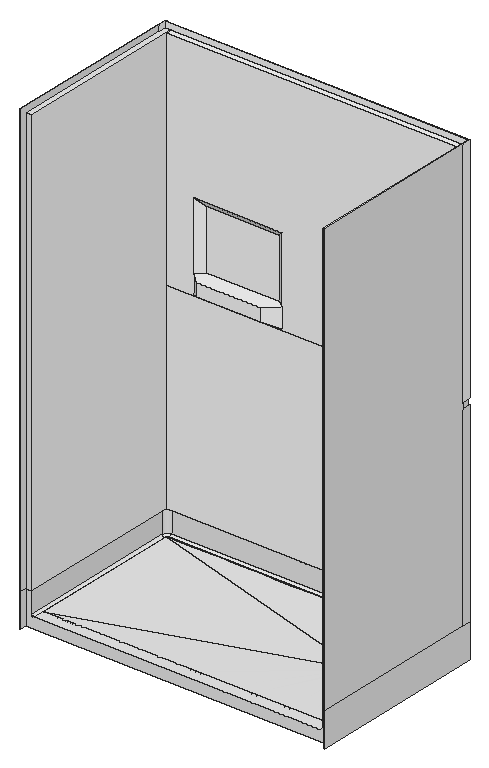
Revit family "5LBS5430E75T,E2T,E75B,E2B", category Plumbing Fixtures, Revit 2017
Family settings
  Round Connector Dimension = Use Diameter
  Part Type = Normal
  OmniClass Number = 23.45.05.14.17
  OmniClass Title = Showers
  Work Plane-Based = No
  Always vertical = Yes
  Cut with Voids When Loaded = No
  Shared = No
  Room Calculation Point = No
Parameters (values of type "5LBS5430E2B")
  Unit Width = 54"
  Unit Height = 82 1/2"
  Unit Depth = 31"
  URL = "http://www.bestbath.com/"
  Type Comments = "Barrier Free"
  Threshold Height = 2"
  Model = "5LBS5430E2B"
  Material [instance] = Best Bath Gelcoat Fiberglass - RealTile
  Manufacturer = "Best Bath Systems, Inc."
  Keynote = "22 40 00.B3"
  Description = "4 x 8 Subway Tile, Beveled Threshold"
  Assembly Code = "D2010710"
Types (5): name | Unit Height | Threshold Height | Model | Material | Description
  (no name) | 82 1/2" | 2" | "5LBS5430E2B" | Best Bath Gelcoat Fiberglass - RealTile | "4 x 8 Subway Tile, Beveled Threshold"
  5LBS5430E75B | 81 1/4" | 3/4" | "5LBS5430E75B" | Best Bath Gelcoat Fiberglass - Smooth | "4 x 8 Subway Tile, Beveled Threshold"
  5LBS5430E75T | 81 1/4" | 3/4" | "5LBS5430E75T" | Best Bath Gelcoat Fiberglass - Smooth | "4 x 8 Subway Tile, Traditionals Bull Nose Threshold"
  5LBS5430E2T | 82 1/2" | 2" | "5LBS5430E2T" | Best Bath Gelcoat Fiberglass - Smooth | "4 x 8 Subway Tile, Traditionals Bull Nose Threshold"
  5LBS5430E2B | 82 1/2" | 2" | "5LBS5430E2B" | Best Bath Gelcoat Fiberglass - RealTile | "4 x 8 Subway Tile, Beveled Threshold"
Reference planes (in)
  plane 1: z = 0
  plane 2 "Left": x = 0
  plane 3: z = 81.5
  plane 4: z = 82.5
  plane 5: y = 5.36165
  plane 6: y = 36.36165
  plane 7: x = 54
  plane 8: y = 35.11165
  plane 9: y = 22.36165
  plane 10: z = 1.625
  plane 11: z = 2
  plane 12: z = 41.5
  plane 13: z = 6
  plane 14: y = 4.36165
  plane 15: z = 45.25
  plane 16: y = 5.36165
  plane 17: x = 45.5
Forms (in)
  Extrusion 1, solid, material "Best Bath Gelcoat Fiberglass - Smooth"
    sketch origin (0, 0, 0) x (1, 0, 0) y (0, 1, 0)
      loop
        line (0, 5.36165) -> (54, 5.36165) -> (54, 36.36165) -> (0, 36.36165) -> (0, 5.36165)
      loop
        circle (45.5032, 22.36165) r 2.125
    from 0 to 2
  Extrusion 2, solid, material "Best Bath Gelcoat Fiberglass - RealTile" <- "Material"
    sketch origin (0, 0, 0) x (1, 0, 0) y (0, 1, 0)
      loop
        line (1.25, 36.23665) -> (1.25, 35.11165) -> (52.75, 35.11165) -> (52.75, 36.23665) -> (1.25, 36.23665)
    from 6 to 41.5
  Blend 3, void
    base sketch origin (0, 0, 0) x (1, 0, 0) y (0, 1, 0)
      loop
        line (1.875, 7.36165) -> (52.125, 7.36165) -> (52.125, 34.48665) -> (1.875, 34.48665) -> (1.875, 7.36165)
    top sketch origin (0, 0, 0) x (1, 0, 0) y (0, 1, 0)
      loop
        circle (45.49922, 22.36165) r 0.07952
    from 2 to 1.625
  Extrusion 4, solid, material "Best Bath Gelcoat Fiberglass - RealTile" <- "Material"
    sketch origin (0, 0, 0) x (1, 0, 0) y (0, 1, 0)
      loop
        line (1.25, 36.36165) -> (1.25, 35.11165) -> (52.75, 35.11165) -> (52.75, 36.36165) -> (1.25, 36.36165)
    from 41.5 to 81.5
  Extrusion 5, solid, material "Best Bath Gelcoat Fiberglass - Smooth"
    sketch origin (0.25, 0, 0) x (1, 0, 0) y (0, 1, 0)
      loop
        line (53.625, 5.36165) -> (53.625, 36.23665) -> (52.5, 36.23665) -> (52.5, 5.36165) -> (53.625, 5.36165)
      loop
        line (-0.125, 5.36165) -> (1, 5.36165) -> (1, 36.23665) -> (-0.125, 36.23665) -> (-0.125, 5.36165)
    from 6 to 81.5
  Extrusion 6, solid, material "Best Bath Gelcoat Fiberglass - Smooth"
    sketch origin (0, 0, 0) x (1, 0, 0) y (0, 1, 0)
      loop
        line (0, 36.36165) -> (0, 5.36165) -> (1.25, 5.36165) -> (1.25, 34.11165)
        arc (1.25, 34.11165) -> (1.54289, 34.81875) -> (2.25, 35.11165) r 1
        line (2.25, 35.11165) -> (51.75, 35.11165)
        arc (51.75, 35.11165) -> (52.45711, 34.81875) -> (52.75, 34.11165) r 1
        line (52.75, 34.11165) -> (52.75, 5.36165) -> (54, 5.36165) -> (54, 35.11165) -> (54, 36.36165) -> (0, 36.36165)
    from 0 to 6
  Sweep 7, solid, material "Best Bath Gelcoat Fiberglass - Smooth"
    path origin (0, 0, 0) x (1, 0, 0) y (0, 1, 0)
      loop
        line (1.25, 5.36165) -> (1.25, 34.11165)
        arc (1.25, 34.11165) -> (1.54289, 34.81875) -> (2.25, 35.11165) r 1
        line (2.25, 35.11165) -> (51.75, 35.11165)
        arc (51.75, 35.11165) -> (52.45711, 34.81875) -> (52.75, 34.11165) r 1
        line (52.75, 34.11165) -> (52.75, 5.36165)
    profile origin (1.25, 19.73665, 0) x (-1, 0, 0) y (0, 0, 1)
      loop
        line (0, 2) -> (0, 2.375)
        arc (0, 2.375) -> (-0.10983, 2.10983) -> (-0.375, 2) r 0.375
        line (-0.375, 2) -> (0, 2)
  Extrusion 8, solid, material "Best Bath Gelcoat Fiberglass - Smooth"
    sketch origin (0, 0, 0) x (1, 0, 0) y (0, 1, 0)
      loop
        line (0, 4.36165) -> (0.125, 4.36165) -> (0.125, 5.36165) -> (0, 5.36165) -> (0, 4.36165)
      loop
        line (54, 4.36165) -> (54, 5.36165) -> (53.875, 5.36165) -> (53.875, 4.36165) -> (54, 4.36165)
    from 0 to 6
  Extrusion 9, solid, material "Best Bath Gelcoat Fiberglass - RealTile" <- "Material"
    sketch origin (0, 0, 0) x (1, 0, 0) y (0, 1, 0)
      loop
        line (0, 36.36165) -> (0, 34.86165) -> (0.125, 34.86165) -> (0.125, 36.23665) -> (53.875, 36.23665) -> (53.875, 34.86165) -> (54, 34.86165) -> (54, 36.36165) -> (0, 36.36165)
    from 41.5 to 82.5
  Extrusion 10, solid, material "Best Bath Gelcoat Fiberglass - Smooth"
    sketch origin (0, 0, 0) x (1, 0, 0) y (0, 1, 0)
      loop
        line (53.875, 4.36165) -> (54, 4.36165) -> (54, 34.86165) -> (53.875, 34.86165) -> (53.875, 4.36165)
      loop
        line (0.125, 4.36165) -> (0.125, 34.86165) -> (0, 34.86165) -> (0, 4.36165) -> (0.125, 4.36165)
    from 6 to 82.5
  Blend 11, solid, material "Best Bath Gelcoat Fiberglass - RealTile" <- "Material"
    base sketch origin (1.5, -39, 0) x (1, 0, 0) y (0, 0, 1)
      loop
        line (46.25, 45.25) -> (30.75, 45.25) -> (30.75, 41.75) -> (46.25, 41.75) -> (46.25, 45.25)
    top sketch origin (1.5, -39, 0) x (1, 0, 0) y (0, 0, 1)
      loop
        line (32.875, 45.25) -> (32.875, 43) -> (44.125, 43) -> (44.125, 45.25) -> (32.875, 45.25)
    from -74.11165 to -72.11165
  Blend 12, void
    base sketch origin (1.5, -38.5, 0) x (1, 0, 0) y (0, 0, 1)
      loop
        line (30.75, 45.25) -> (46.25, 45.25) -> (46.25, 57) -> (30.75, 57) -> (30.75, 45.25)
    top sketch origin (1.5, -38.5, 0) x (1, 0, 0) y (0, 0, 1)
      loop
        line (32, 45.25) -> (45, 45.25) -> (45, 55.75) -> (32, 55.75) -> (32, 45.25)
    from -73.61165 to -74.61165
  Blend 13, void
    base sketch origin (58.5, -38.5, 0) x (-1, 0, 0) y (0, 0, -1)
      loop
        line (36.75, -45.25) -> (36.75, -57) -> (52.25, -57) -> (52.25, -45.25) -> (36.75, -45.25)
    top sketch origin (58.5, -38.5, 0) x (-1, 0, 0) y (0, 0, -1)
      loop
        line (38, -45.25) -> (38, -55.75) -> (51, -55.75) -> (51, -45.25) -> (38, -45.25)
    from -73.61165 to -74.61165
  Extrusion 14, solid, material "Best Bath Gelcoat Fiberglass - Smooth"
    sketch origin (0, 0, 0) x (1, 0, 0) y (0, 1, 0)
      loop
        line (0.12513, 36.23665) -> (53.87487, 36.23665) -> (53.87487, 34.86165) -> (54, 34.86165) -> (54, 36.36165) -> (0, 36.36165) -> (0, 34.86165) -> (0.12513, 34.86165) -> (0.12513, 36.23665)
    from 6 to 40.5
  Blend 15, solid, material "Best Bath Gelcoat Fiberglass - RealTile" <- "Material"
    base sketch origin (58.5, -39, 0) x (-1, 0, 0) y (0, 0, -1)
      loop
        line (52.25, -45.25) -> (52.25, -41.75) -> (36.75, -41.75) -> (36.75, -45.25) -> (52.25, -45.25)
    top sketch origin (58.5, -39, 0) x (-1, 0, 0) y (0, 0, -1)
      loop
        line (38.875, -45.25) -> (50.125, -45.25) -> (50.125, -43) -> (38.875, -43) -> (38.875, -45.25)
    from -74.11165 to -72.11165
Cuts and joins
  Blend 3 cuts Extrusion 1
  joined: Extrusion 1, Extrusion 6, Sweep 7, Extrusion 8
  Blend 12, Blend 13 cuts Extrusion 4
  Blend 13 cuts Extrusion 9
  Blend 13 cuts Blend 11
  joined: Extrusion 4, Extrusion 9, Blend 11, Blend 15
  joined: Extrusion 5, Extrusion 10
Dimensions and locks (in)
  locked: plane 4 to plane 3 at 1
  "Unit Height": plane 4 to level
  "Unit Width": plane 2 "Left" to plane 7
  locked: plane 6 to plane 8 at 1.25
  plane 6 to plane 9 = 14"
  "Threshold Height": plane 11 to level
  locked: plane 11 to plane 10 at 0.375
  locked: plane 12 to plane 13 at 35.5
  locked: plane 13 to plane 11 at 4
  locked: plane 5 to plane 14 at 1
  plane 15 to plane 12 = 3 3/4"
  "Unit Depth": plane 6 to plane 16
  plane 17 to cut or joined group of Extrusion 5, Extrusion 10 = 8 1/2"
  aligned and locked: level to plane 1
  aligned and locked: Extrusion 1 sketch curve to plane 5
  aligned and locked: Extrusion 1 sketch curve to plane 2 "Left"
  aligned and locked: plane 6 to Extrusion 1 sketch curve
  aligned and locked: Extrusion 1 sketch curve to plane 7
  aligned and locked: plane 9 to Extrusion 1 sketch curve
  aligned and locked: plane 11 to Extrusion 1
  aligned and locked: plane 9 to Blend 3 sketch curve
  aligned and locked: Extrusion 1 to Blend 3
  aligned and locked: Blend 3 to plane 10
  aligned and locked: plane 12 to Extrusion 2
  aligned and locked: Extrusion 4 to Extrusion 2
  aligned and locked: plane 3 to Extrusion 4
  aligned and locked: plane 3 to Extrusion 5
  aligned and locked: plane 13 to Extrusion 6
  aligned and locked: Extrusion 5 to plane 13
  aligned and locked: Extrusion 2 to plane 13
  aligned and locked: Sweep 7 sketch curve to plane 11
  aligned and locked: Extrusion 8 to Extrusion 2
  aligned and locked: plane 4 to Extrusion 9
  aligned and locked: Extrusion 10 to Extrusion 2
  aligned and locked: plane 4 to Extrusion 10
  aligned and locked: Extrusion 9 to plane 12
  aligned and locked: cut or joined group of Extrusion 5, Extrusion 10 to Extrusion 4 sketch curve
  aligned and locked: Extrusion 4 sketch curve to cut or joined group of Extrusion 5, Extrusion 10
  aligned and locked: Extrusion 2 sketch curve to cut or joined group of Extrusion 4, Extrusion 9, Blend 11, Blend 12, Blend 13, Blend 15  (x2)
  aligned and locked: Extrusion 14 to Extrusion 2
Automatic sketch dimensions
  Extrusion 2 sketch curve to plane 8 = 0"
  Extrusion 2 sketch curve to plane 6 = 1/8"
  Blend 3 sketch curve to plane 8 = 5/8"
  plane 2 "Left" to Blend 3 sketch curve = 1 7/8"
  plane 7 to Blend 3 sketch curve = 1 7/8"
  plane 5 to Blend 3 sketch curve = 2"
  Extrusion 4 sketch curve to plane 8 = 0"
  Extrusion 4 sketch curve to plane 6 = 0"
  Extrusion 5 sketch curve to plane 5 = 0"  (x2)
  plane 2 "Left" to Extrusion 5 sketch curve = 1/8"
  Extrusion 5 sketch curve to Extrusion 5 sketch curve = 1 1/8"
  plane 7 to Extrusion 5 sketch curve = 1 1/4"
  plane 7 to Extrusion 5 sketch curve = 1/8"
  Extrusion 5 sketch curve to plane 6 = 1/8"  (x2)
  Extrusion 6 sketch curve to plane 2 "Left" = 0"
  Extrusion 6 sketch curve to plane 5 = 0"  (x2)
  Extrusion 6 sketch curve to plane 8 = 0"  (x2)
  Extrusion 6 sketch curve to plane 7 = 0"
  Extrusion 6 sketch curve to plane 6 = 0"
  Extrusion 6 sketch curve to Extrusion 6 sketch curve = 1 1/4"
  Extrusion 6 sketch curve to Extrusion 6 sketch curve = 1"
  Extrusion 6 sketch curve to plane 8 = 1"
  plane 7 to Extrusion 6 sketch curve = 2 1/4"
  Sweep 7 sketch curve to plane 5 = 0"  (x2)
  Sweep 7 sketch curve to plane 8 = 0"
  plane 2 "Left" to Sweep 7 sketch curve = 1 1/4"
  Sweep 7 sketch curve to Sweep 7 sketch curve = 1"
  Sweep 7 sketch curve to plane 8 = 1"
  plane 7 to Sweep 7 sketch curve = 2 1/4"
  Sweep 7 sketch curve to profile plane = 0"
  profile plane to Sweep 7 sketch curve = 3/8"
  Extrusion 8 sketch curve to plane 2 "Left" = 0"
  Extrusion 8 sketch curve to plane 5 = 0"  (x2)
  Extrusion 8 sketch curve to plane 14 = 0"  (x2)
  Extrusion 8 sketch curve to plane 7 = 0"
  plane 2 "Left" to Extrusion 8 sketch curve = 1/8"
  plane 7 to Extrusion 8 sketch curve = 1/8"
  Extrusion 9 sketch curve to plane 2 "Left" = 0"
  Extrusion 9 sketch curve to plane 7 = 0"
  Extrusion 9 sketch curve to plane 6 = 0"
  Extrusion 9 sketch curve to Extrusion 9 sketch curve = 1/8"
  plane 7 to Extrusion 9 sketch curve = 1/8"
  Extrusion 9 sketch curve to plane 6 = 1/8"
  Extrusion 9 sketch curve to plane 8 = 1/4"  (x2)
  Extrusion 10 sketch curve to plane 2 "Left" = 0"
  Extrusion 10 sketch curve to plane 14 = 0"  (x2)
  Extrusion 10 sketch curve to plane 7 = 0"
  plane 2 "Left" to Extrusion 10 sketch curve = 1/8"
  plane 7 to Extrusion 10 sketch curve = 1/8"
  Extrusion 10 sketch curve to plane 8 = 1/4"  (x2)
  Blend 11 sketch curve to plane 15 = 0"  (x2)
  plane 7 to Blend 11 sketch curve = 21 3/4"
  plane 12 to Blend 11 sketch curve = 1/4"
  plane 7 to Blend 11 sketch curve = 6 1/4"
  plane 12 to Blend 11 sketch curve = 1 1/2"
  plane 7 to Blend 11 sketch curve = 19 5/8"
  plane 7 to Blend 11 sketch curve = 8 3/8"
  Blend 12 sketch curve to plane 15 = 0"  (x2)
  plane 7 to Blend 12 sketch curve = 21 3/4"
  plane 7 to Blend 12 sketch curve = 6 1/4"
  plane 15 to Blend 12 sketch curve = 11 3/4"
  plane 7 to Blend 12 sketch curve = 20 1/2"
  plane 7 to Blend 12 sketch curve = 7 1/2"
  Blend 12 sketch curve to Blend 12 sketch curve = 10 1/2"
  Blend 13 sketch curve to plane 15 = 0"  (x2)
  plane 2 "Left" to Blend 13 sketch curve = 21 3/4"
  plane 2 "Left" to Blend 13 sketch curve = 6 1/4"
  plane 15 to Blend 13 sketch curve = 11 3/4"
  plane 2 "Left" to Blend 13 sketch curve = 20 1/2"
  plane 2 "Left" to Blend 13 sketch curve = 7 1/2"
  plane 15 to Blend 13 sketch curve = 10 1/2"
  Extrusion 14 sketch curve to plane 2 "Left" = 0"
  Extrusion 14 sketch curve to plane 6 = 0"
  Extrusion 14 sketch curve to plane 7 = 0"
  plane 2 "Left" to Extrusion 14 sketch curve = 0.12513"
  plane 7 to Extrusion 14 sketch curve = 0.12513"
  Extrusion 14 sketch curve to plane 6 = 1/8"
  Extrusion 14 sketch curve to plane 8 = 1/4"  (x2)
  Blend 15 sketch curve to plane 15 = 0"  (x2)
  plane 2 "Left" to Blend 15 sketch curve = 21 3/4"
  plane 12 to Blend 15 sketch curve = 1/4"
  plane 2 "Left" to Blend 15 sketch curve = 6 1/4"
  plane 12 to Blend 15 sketch curve = 1 1/2"
  plane 2 "Left" to Blend 15 sketch curve = 19 5/8"
  plane 2 "Left" to Blend 15 sketch curve = 8 3/8"
  Extrusion 1 sketch curve to plane 17 = 0.0032"
  plane 17 to Blend 3 sketch curve = 0.00078"
  radius of Extrusion 1 sketch curve = 2 1/8"
  radius of Blend 3 sketch curve = 0.07952"
